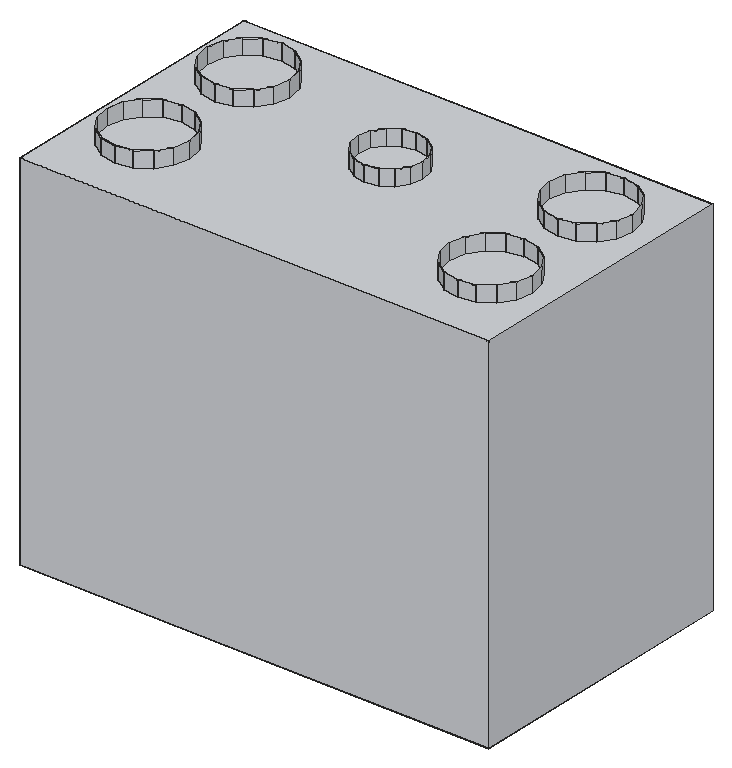
Revit family "Flexit UNI 4 R E EC L 230", category Mechanical Equipment, Revit 2015 (continued)
Parameters (values of type "Flexit UNI 4 R E EC L 230")
    DYsAAAAAAAOB1wNIHYAAAAAAAAIBvQAAAAAAAYF3AAAAAAADgdcDSBwkAAAAAAACAb0AAAAAAAGBdwAAAAAAAwHfA0wdgANsZoCdvIXBAlEoLaquDYsAAAAAAAMB3wNEHCQAAAAAAAIBvQAAAAAAAYF3AAAAAAADgdcDSB2AA2xmgJ28hcEDXaukrqbhVwAAAAAAA4HXA0gcJANsZoCdvIXBA12rpK6m4VcAAAAAAAMB3wNMHYAAAAAAAAIBvQAAAAAAAYF3AAAAAAADAd8DRBwkA2xmgJ28hcEDXaukrqbhVwAAAAAAA4HXA0gdgAOse/D/nNnFAVvfg/zl3TsAAAAAAAOB1wNIHCQDrHvw/5zZxQFb34P85d07AAAAAAADAd8DTB2AA2xmgJ28hcEDXaukrqbhVwAAAAAAAwHfA0QcJAOse/D/nNnFAVvfg/zl3TsAAAAAAAOB1wNIHYAC2WvpKKtZyQNTOAD15y0XAAAAAAADgdcDSBwkAtlr6SirWckDUzgA9ectFwAAAAAAAwHfA0wdgAOse/D/nNnFAVvfg/zl3TsAAAAAAAMB3wNEHCQC2WvpKKtZyQNTOAD15y0XAAAAAAADgdcDSB2AAAAAAAADAdEAAAAAAAMBCwAAAAAAA4HXA0gcJAAAAAAAAwHRAAAAAAADAQsAAAAAAAMB3wNMHYAC2WvpKKtZyQNTOAD15y0XAAAAAAADAd8DRBwkAAAAAAADAdEAAAAAAAMBCwAAAAAAA4HXA0gdgAEqlBbXVqXZA1M4APXnLRcAAAAAAAOB1wNIHCQBKpQW11al2QNTOAD15y0XAAAAAAADAd8DTB2AAAAAAAADAdEAAAAAAAMBCwAAAAAAAwHfA0QcJAEqlBbXVqXZA1M4APXnLRcAAAAAAAOB1wNIHYAAV4QPAGEl4QFb34P85d07AAAAAAADgdcDSBwkAFeEDwBhJeEBW9+D/OXdOwAAAAAAAwHfA0wdgAEqlBbXVqXZA1M4APXnLRcAAAAAAAMB3wNEHCQAV4QPAGEl4QFb34P85d07AAAAAAADgdcDSB2AAJuZf2JBeeUDXaukrqbhVwAAAAAAA4HXA0gcJACbmX9iQXnlA12rpK6m4VcAAAAAAAMB3wNMHYAAV4QPAGEl4QFb34P85d07AAAAAAADAd8DRBwkAJuZf2JBeeUDXaukrqbhVwAAAAAAA4HXA0gdgAAAAAAAAwHlAAAAAAABgXcAAAAAAAOB1wNIHCQAAAAAAAMB5QAAAAAAAYF3AAAAAAADAd8DTB2AAJuZf2JBeeUDXaukrqbhVwAAAAAAAwHfA0QcJAAAAAAAAQE/AAAAAAADATEAAAAAAAOB1QNIHYABrXldICd9MwPG2nFSIykBAAAAAAADgdUDSBwkAa15XSAnfTMDxtpxUiMpAQAAAAAAAwHdA0wdgAAAAAAAAQE/AAAAAAADATEAAAAAAAMB3QNEHCQBrXldICd9MwPG2nFSIykBAAAAAAADgdUDSB2AAxD4YsNoYRsDvBJ8/lZwqQAAAAAAA4HVA0gcJAMQ+GLDaGEbA7wSfP5WcKkAAAAAAAMB3QNMHYABrXldICd9MwPG2nFSIykBAAAAAAADAd0DRBwkAxD4YsNoYRsDvBJ8/lZwqQAAAAAAA4HVA0gdgAB6Sxlbv6jfAkmpeV0gJz78AAAAAAOB1QNIHCQAeksZW7+o3wJJqXldICc+/AAAAAADAd0DTB2AAxD4YsNoYRsDvBJ8/lZwqQAAAAAAAwHdA0QcJAB6Sxlbv6jfAkmpeV0gJz78AAAAAAOB1QNIHYAAAAAAAAAAAAAAAAAAAABTAAAAAAADgdUDSBwkAAAAAAAAAAAAAAAAAAAAUwAAAAAAAwHdA0wdgAB6Sxlbv6jfAkmpeV0gJz78AAAAAAMB3QNEHCQAAAAAAAAAAAAAAAAAAABTAAAAAAADgdUDSB2AAH5LGVu/qN0CSal5XSAnPvwAAAAAA4HVA0gcJAB+Sxlbv6jdAkmpeV0gJz78AAAAAAMB3QNMHYAAAAAAAAAAAAAAAAAAAABTAAAAAAADAd0DRBwkAH5LGVu/qN0CSal5XSAnPvwAAAAAA4HVA0gdgAMQ+GLDaGEZA7wSfP5WcKkAAAAAAAOB1QNIHCQDEPhiw2hhGQO8Enz+VnCpAAAAAAADAd0DTB2AAH5LGVu/qN0CSal5XSAnPvwAAAAAAwHdA0QcJAMQ+GLDaGEZA7wSfP5WcKkAAAAAAAOB1QNIHYABqXldICd9MQPG2nFSIykBAAAAAAADgdUDSBwkAal5XSAnfTEDxtpxUiMpAQAAAAAAAwHdA0wdgAMQ+GLDaGEZA7wSfP5WcKkAAAAAAAMB3QNEHCQBqXldICd9MQPG2nFSIykBAAAAAAADgdUDSB2AAAAAAAABAT0AAAAAAAMBMQAAAAAAA4HVA0gcJAAAAAAAAQE9AAAAAAADATEAAAAAAAMB3QNMHYABqXldICd9MQPG2nFSIykBAAAAAAADAd0DRBwkAAAAAAABAT0AAAAAAAMBMQAAAAAAA4HVA0gdgAGpeV0gJ30xAiKSx1btaVEAAAAAAAOB1QNIHCQBqXldICd9MQIiksdW7WlRAAAAAAADAd0DTB2AAAAAAAABAT0AAAAAAAMBMQAAAAAAAwHdA0QcJAGpeV0gJ30xAiKSx1btaVEAAAAAAAOB1QNIHYADEPhiw2hhGQGIfDFhtbFlAAAAAAADgdUDSBwkAxD4YsNoYRkBiHwxYbWxZQAAAAAAAwHdA0wdgAGpeV0gJ30xAiKSx1btaVEAAAAAAAMB3QNEHCQDEPhiw2hhGQGIfDFhtbFlAAAAAAADgdUDSB2AAH5LGVu/qN0A1ryukhM9cQAAAAAAA4HVA0gcJAB+Sxlbv6jdANa8rpITPXEAAAAAAAMB3QNMHYADEPhiw2hhGQGIfDFhtbFlAAAAAAADAd0DRBwkAH5LGVu/qN0A1ryukhM9cQAAAAAAA4HVA0gdgAAAAAAAAAAAAAAAAAAAAXkAAAAAAAOB1QNIHCQAAAAAAAAAAAAAAAAAAAF5AAAAAAADAd0DTB2AAH5LGVu/qN0A1ryukhM9cQAAAAAAAwHdA0QcJAAAAAAAAAAAAAAAAAAAAXkAAAAAAAOB1QNIHYAAeksZW7+o3wDavK6SEz1xAAAAAAADgdUDSBwkAHpLGVu/qN8A2ryukhM9cQAAAAAAAwHdA0wdgAAAAAAAAAAAAAAAAAAAAXkAAAAAAAMB3QNEHCQAeksZW7+o3wDavK6SEz1xAAAAAAADgdUDSB2AAxD4YsNoYRsBiHwxYbWxZQAAAAAAA4HVA0gcJAMQ+GLDaGEbAYh8MWG1sWUAAAAAAAMB3QNMHYAAeksZW7+o3wDavK6SEz1xAAAAAAADAd0DRBwkAxD4YsNoYRsBiHwxYbWxZQAAAAAAA4HVA0gdgAGteV0gJ30zAiKSx1btaVEAAAAAAAOB1QNIHCQBrXldICd9MwIiksdW7WlRAAAAAAADAd0DTB2AAxD4YsNoYRsBiHwxYbWxZQAAAAAAAwHdA0QcJAGteV0gJ30zAiKSx1btaVEAAAAAAAOB1QNIHYAAAAAAAAEBPwAAAAAAAwExAAAAAAADgdUDSBwkAAAAAAABAT8AAAAAAAMBMQAAAAAAAwHdA0wdgAGteV0gJ30zAiKSx1btaVEAAAAAAAMB3QA==</gm_model>\r\n  </Block>\r\n  <Blocks />\r\n</Flexit>"
  magiProductId = "Flexit UNI 4 R E EC L 230"
  magiProductFamilyId = ""
  magiPartTypeId = 210
  magiFlags = 0
  magiFamilyGeom = MagiCAD_Flexit UNI 4 R E EC L 230 : MagiCAD_Flexit UNI 4 R E EC L 230
  Weight = "86.0 kg"
  VersionID = "1.0/Flexit"
  Unit size Supply = "4"
  Unit size Extract = "4"
  Unit description = "Flexit UNI 4 R E EC L 230"
  Supply air flow = 27.7778 L/s
  Supply Sound generation, total = "64 dB(A)"
  Supply Sound generation = "68 67 68 63 57 53 42 28 dB"
  Supply Frequency band = "63 125 250 500 1k 2k 4k 8k"
  Supply Dimensions = "160 mm"
  Sound data, ambient = "15 26 38 27 22 19 11 2 dB"
  Sound ambient, total = "31 dB(A)"
  Productdata [instance] = "© Progman Oy, all rights reserved"
  Pressure drop  Supply and Outdoor air ductwork = 100.0 Pa
  Pressure drop  Extract and Exhaust air ductwork = 100.0 Pa
  Outdoor 2 Sound generation, total = "54 dB(A)"
  Outdoor 2 Sound generation = "59 57 56 55 43 30 19 4 dB"
  Outdoor 2 Frequency band = "63 125 250 500 1k 2k 4k 8k"
  Outdoor 2 Dimensions = "160 mm"
  Outdoor 1 Sound generation, total = "54 dB(A)"
  Outdoor 1 Sound generation = "59 57 56 55 43 30 19 4 dB"
  Outdoor 1 Frequency band = "63 125 250 500 1k 2k 4k 8k"
  Outdoor 1 Dimensions = "160 mm"
  Frequency band = "63 125 250 500 1k 2k 4k 8k"
  Flexit project file name = "K2VE.FLX"
  Extract air flow = 27.7778 L/s
  Extract 3 Sound generation, total = "54 dB(A)"
  Extract 3 Sound generation = "59 57 56 55 43 30 19 4 dB"
  Extract 3 Frequency band = "63 125 250 500 1k 2k 4k 8k"
  Extract 3 Dimensions = "125 mm"
  Extract 2 Sound generation, total = "54 dB(A)"
  Extract 2 Sound generation = "59 57 56 55 43 30 19 4 dB"
  Extract 2 Frequency band = "63 125 250 500 1k 2k 4k 8k"
  Extract 2 Dimensions = "160 mm"
  Extract 1 Sound generation, total = "54 dB(A)"
  Extract 1 Sound generation = "59 57 56 55 43 30 19 4 dB"
  Extract 1 Frequency band = "63 125 250 500 1k 2k 4k 8k"
  Extract 1 Dimensions = "160 mm"
  Exhaust Sound generation, total = "64 dB(A)"
  Exhaust Sound generation = "68 67 68 63 57 53 42 28 dB"
  Exhaust Frequency band = "63 125 250 500 1k 2k 4k 8k"
  Exhaust Dimensions = "160 mm"
  Dimensions = "900 537 700 mm"
Reference planes
  plane 1 "Center (Front/Back)": y = 0
  plane 2: z = 0
  plane 3 "Center (Left/Right)": x = 0
Forms (mm)
  Extrusion 1, solid, not visible
    sketch origin (329, 127.5, 365) x (1, 0, 0) y (0, 1, 0)
      loop
        line (15.24, 15.24) -> (-15.24, 15.24) -> (-15.24, -15.24) -> (15.24, -15.24) -> (15.24, 15.24)
    from 0 to -30.48
  Extrusion 2, solid, not visible
    sketch origin (-329, 127.5, 365) x (1, 0, 0) y (0, 1, 0)
      loop
        line (15.24, 15.24) -> (-15.24, 15.24) -> (-15.24, -15.24) -> (15.24, -15.24) -> (15.24, 15.24)
    from 0 to -30.48
  Extrusion 3, solid, not visible
    sketch origin (-332, 107.5, -365) x (0, 1, 0) y (1, 0, 0)
      loop
        line (-15.24, 15.24) -> (-15.24, -15.24) -> (15.24, -15.24) -> (15.24, 15.24) -> (-15.24, 15.24)
    from 0 to -30.48
  Extrusion 4, solid, not visible
    sketch origin (329, -113, 365) x (1, 0, 0) y (0, 1, 0)
      loop
        line (15.24, 15.24) -> (-15.24, 15.24) -> (-15.24, -15.24) -> (15.24, -15.24) -> (15.24, 15.24)
    from 0 to -30.48
  Extrusion 5, solid, not visible
    sketch origin (332, -118, -365) x (0, 1, 0) y (1, 0, 0)
      loop
        line (-15.24, 15.24) -> (-15.24, -15.24) -> (15.24, -15.24) -> (15.24, 15.24) -> (-15.24, 15.24)
    from 0 to -30.48
  Extrusion 6, solid, not visible
    sketch origin (0, 57.5, 365) x (1, 0, 0) y (0, 1, 0)
      loop
        line (15.24, 15.24) -> (-15.24, 15.24) -> (-15.24, -15.24) -> (15.24, -15.24) -> (15.24, 15.24)
    from 0 to -30.48
  Extrusion 7, solid, not visible
    sketch origin (-329, -113, 365) x (1, 0, 0) y (0, 1, 0)
      loop
        line (15.24, 15.24) -> (-15.24, 15.24) -> (-15.24, -15.24) -> (15.24, -15.24) -> (15.24, 15.24)
    from 0 to -30.48
Text (mm)
  text "© Progman Oy, all rights reserved" at (-487.68, -1524, 0), in view "Ref. Level"
Nested families
  nested 1: "MagiCAD_Flexit UNI 4 R E EC L 230" at (0, 0, 0), type <- "magiFamilyGeom", type "MagiCAD_Flexit UNI 4 R E EC L 230"
Connectors
  hvac at (329, 127.5, 365)
    settings: on Extrusion 1, index 1, duct flow 0.0 L/s, flow factor 0, pres drop 0.0 Pa, loss coef 0, conn angle 0.00°, conn width 304.8 mm, conn height 304.8 mm, conn diameter 160 mm, duct sys type 1, conn prof type 0, flow config 0, flow direction 2, loss method 0, conn ref index -1, conn util no, is conn primary yes, conn desc "Duct connection supply"
  hvac at (-329, 127.5, 365)
    settings: on Extrusion 2, index 2, duct flow 0.0 L/s, flow factor 0, pres drop 0.0 Pa, loss coef 0, conn angle 0.00°, conn width 304.8 mm, conn height 304.8 mm, conn diameter 160 mm, duct sys type 1, conn prof type 0, flow config 0, flow direction 1, loss method 0, conn ref index -1, conn util no, is conn primary no, conn desc "Duct connection outdoor"
  hvac at (-332, 107.5, -365)
    settings: on Extrusion 3, index 3, duct flow 0.0 L/s, flow factor 0, pres drop 0.0 Pa, loss coef 0, conn angle 0.00°, conn width 304.8 mm, conn height 304.8 mm, conn diameter 160 mm, duct sys type 1, conn prof type 0, flow config 0, flow direction 1, loss method 0, conn ref index -1, conn util no, is conn primary no, conn desc "Duct connection outdoor"
  hvac at (329, -113, 365)
    settings: on Extrusion 4, index 4, duct flow 0.0 L/s, flow factor 0, pres drop 0.0 Pa, loss coef 0, conn angle 0.00°, conn width 304.8 mm, conn height 304.8 mm, conn diameter 160 mm, duct sys type 2, conn prof type 0, flow config 0, flow direction 1, loss method 0, conn ref index -1, conn util no, is conn primary no, conn desc "Duct connection extract"
  hvac at (332, -118, -365)
    settings: on Extrusion 5, index 5, duct flow 0.0 L/s, flow factor 0, pres drop 0.0 Pa, loss coef 0, conn angle 0.00°, conn width 304.8 mm, conn height 304.8 mm, conn diameter 160 mm, duct sys type 2, conn prof type 0, flow config 0, flow direction 1, loss method 0, conn ref index -1, conn util no, is conn primary no, conn desc "Duct connection extract"
  hvac at (0, 57.5, 365)
    settings: on Extrusion 6, index 6, duct flow 0.0 L/s, flow factor 0, pres drop 0.0 Pa, loss coef 0, conn angle 0.00°, conn width 304.8 mm, conn height 304.8 mm, conn diameter 160 mm, duct sys type 2, conn prof type 0, flow config 0, flow direction 1, loss method 0, conn ref index -1, conn util no, is conn primary no, conn desc "Duct connection extract"
  hvac at (-329, -113, 365)
    settings: on Extrusion 7, index 7, duct flow 0.0 L/s, flow factor 0, pres drop 0.0 Pa, loss coef 0, conn angle 0.00°, conn width 304.8 mm, conn height 304.8 mm, conn diameter 125 mm, duct sys type 3, conn prof type 0, flow config 0, flow direction 2, loss method 0, conn ref index -1, conn util no, is conn primary no, conn desc "Duct connection exhaust"
Definition of nested family "MagiCAD_Flexit UNI 4 R E EC L 230"
  Reference planes
    plane 1 "Center (Front/Back)": y = 0
    plane 2: z = 0
    plane 3 "Center (Left/Right)": x = 0
  Forms (mm)
    Extrusion 1, solid
      sketch origin (-450, 268.5, 350) x (0, 1, 0) y (1, 0, 0)
        loop
          line (0, 900) -> (-537, 900) -> (-537, 0) -> (0, 0) -> (0, 900)
      from -0.1 to 0.1
    Extrusion 2, solid
      sketch origin (450, -268.5, -350) x (1, 0, 0) y (0, 1, 0)
        loop
          line (0, 537) -> (-900, 537) -> (-900, 0) -> (0, 0) -> (0, 537)
      from -0.1 to 0.1
    Extrusion 3, solid
      sketch origin (-450, -268.5, 350) x (0, 0, 1) y (1, 0, 0)
        loop
          line (0, 900) -> (-700, 900) -> (-700, 0) -> (0, 0) -> (0, 900)
      from -0.1 to 0.1
    Extrusion 4, solid
      sketch origin (450, 268.5, -350) x (0, 0, -1) y (1, 0, 0)
        loop
          line (-700, 0) -> (-700, -900) -> (0, -900) -> (0, 0) -> (-700, 0)
      from -0.1 to 0.1
    Extrusion 5, solid
      sketch origin (450, -268.5, 350) x (0, -1, 0) y (0, 0, 1)
        loop
          line (-537, 0) -> (-537, -700) -> (0, -700) -> (0, 0) -> (-537, 0)
      from -0.1 to 0.1
    Extrusion 6, solid
      sketch origin (-450, 268.5, -350) x (0, 1, 0) y (0, 0, 1)
        loop
          line (0, 700) -> (-537, 700) -> (-537, 0) -> (0, 0) -> (0, 700)
      from -0.1 to 0.1
    Extrusion 7, solid
      sketch origin (-402.91, 96.885, 350) x (0.19509, -0.980785, 0) y (0, 0, -1)
        loop
          line (-31.214, 0) -> (-31.214, -30) -> (0, -30) -> (0, 0) -> (-31.214, 0)
      from -0.1 to 0.1
    Extrusion 8, solid
      sketch origin (-385.569, 70.931, 350) x (0.55557, -0.83147, 0) y (0, 0, -1)
        loop
          line (-31.214, 0) -> (-31.214, -30) -> (0, -30) -> (0, 0) -> (-31.214, 0)
      from -0.1 to 0.1
    Extrusion 9, solid
      sketch origin (-359.615, 53.59, 350) x (0.83147, -0.55557, 0) y (0, 0, -1)
        loop
          line (-31.214, 0) -> (-31.214, -30) -> (0, -30) -> (0, 0) -> (-31.214, 0)
      from -0.1 to 0.1
    Extrusion 10, solid
      sketch origin (-329, 47.5, 350) x (0.980785, -0.19509, 0) y (0, 0, -1)
        loop
          line (-31.214, 0) -> (-31.214, -30) -> (0, -30) -> (0, 0) -> (-31.214, 0)
      from -0.1 to 0.1
    Extrusion 11, solid
      sketch origin (-298.385, 53.59, 350) x (0.980785, 0.19509, 0) y (0, 0, -1)
        loop
          line (-31.214, 0) -> (-31.214, -30) -> (0, -30) -> (0, 0) -> (-31.214, 0)
      from -0.1 to 0.1
    Extrusion 12, solid
      sketch origin (-272.431, 70.931, 350) x (0.83147, 0.55557, 0) y (0, 0, -1)
        loop
          line (-31.214, 0) -> (-31.214, -30) -> (0, -30) -> (0, 0) -> (-31.214, 0)
      from -0.1 to 0.1
    Extrusion 13, solid
      sketch origin (-255.09, 96.885, 350) x (0.55557, 0.83147, 0) y (0, 0, -1)
        loop
          line (-31.214, 0) -> (-31.214, -30) -> (0, -30) -> (0, 0) -> (-31.214, 0)
      from -0.1 to 0.1
    Extrusion 14, solid
      sketch origin (-249, 127.5, 350) x (0.19509, 0.980785, 0) y (0, 0, -1)
        loop
          line (-31.214, 0) -> (-31.214, -30) -> (0, -30) -> (0, 0) -> (-31.214, 0)
      from -0.1 to 0.1
    Extrusion 15, solid
      sketch origin (-255.09, 158.115, 350) x (0.19509, -0.980785, 0) y (0, 0, 1)
        loop
          line (31.214, 0) -> (31.214, 30) -> (0, 30) -> (0, 0) -> (31.214, 0)
      from -0.1 to 0.1
    Extrusion 16, solid
      sketch origin (-272.431, 184.069, 350) x (0.55557, -0.83147, 0) y (0, 0, 1)
        loop
          line (31.214, 0) -> (31.214, 30) -> (0, 30) -> (0, 0) -> (31.214, 0)
      from -0.1 to 0.1
    Extrusion 17, solid
      sketch origin (-298.385, 201.41, 350) x (0.83147, -0.55557, 0) y (0, 0, 1)
        loop
          line (31.214, 0) -> (31.214, 30) -> (0, 30) -> (0, 0) -> (31.214, 0)
      from -0.1 to 0.1
    Extrusion 18, solid
      sketch origin (-329, 207.5, 350) x (0.980785, -0.19509, 0) y (0, 0, 1)
        loop
          line (31.214, 0) -> (31.214, 30) -> (0, 30) -> (0, 0) -> (31.214, 0)
      from -0.1 to 0.1
    Extrusion 19, solid
      sketch origin (-359.615, 201.41, 350) x (0.980785, 0.19509, 0) y (0, 0, 1)
        loop
          line (31.214, 0) -> (31.214, 30) -> (0, 30) -> (0, 0) -> (31.214, 0)
      from -0.1 to 0.1
    Extrusion 20, solid
      sketch origin (-385.569, 184.069, 350) x (0.83147, 0.55557, 0) y (0, 0, 1)
        loop
          line (31.214, 0) -> (31.214, 30) -> (0, 30) -> (0, 0) -> (31.214, 0)
      from -0.1 to 0.1
    Extrusion 21, solid
      sketch origin (-402.91, 158.115, 350) x (0.55557, 0.83147, 0) y (0, 0, 1)
        loop
          line (31.214, 0) -> (31.214, 30) -> (0, 30) -> (0, 0) -> (31.214, 0)
      from -0.1 to 0.1
    Extrusion 22, solid
      sketch origin (-409, 127.5, 350) x (0.19509, 0.980785, 0) y (0, 0, 1)
        loop
          line (31.214, 0) -> (31.214, 30) -> (0, 30) -> (0, 0) -> (31.214, 0)
      from -0.1 to 0.1
    Extrusion 23, solid
      sketch origin (255.09, 96.885, 350) x (0.19509, -0.980785, 0) y (0, 0, -1)
        loop
          line (-31.214, 0) -> (-31.214, -30) -> (0, -30) -> (0, 0) -> (-31.214, 0)
      from -0.1 to 0.1
    Extrusion 24, solid
      sketch origin (272.431, 70.931, 350) x (0.55557, -0.83147, 0) y (0, 0, -1)
        loop
          line (-31.214, 0) -> (-31.214, -30) -> (0, -30) -> (0, 0) -> (-31.214, 0)
      from -0.1 to 0.1
    Extrusion 25, solid
      sketch origin (298.385, 53.59, 350) x (0.83147, -0.55557, 0) y (0, 0, -1)
        loop
          line (-31.214, 0) -> (-31.214, -30) -> (0, -30) -> (0, 0) -> (-31.214, 0)
      from -0.1 to 0.1
    Extrusion 26, solid
      sketch origin (329, 47.5, 350) x (0.980785, -0.19509, 0) y (0, 0, -1)
        loop
          line (-31.214, 0) -> (-31.214, -30) -> (0, -30) -> (0, 0) -> (-31.214, 0)
      from -0.1 to 0.1
    Extrusion 27, solid
      sketch origin (359.615, 53.59, 350) x (0.980785, 0.19509, 0) y (0, 0, -1)
        loop
          line (-31.214, 0) -> (-31.214, -30) -> (0, -30) -> (0, 0) -> (-31.214, 0)
      from -0.1 to 0.1
    Extrusion 28, solid
      sketch origin (385.569, 70.931, 350) x (0.83147, 0.55557, 0) y (0, 0, -1)
        loop
          line (-31.214, 0) -> (-31.214, -30) -> (0, -30) -> (0, 0) -> (-31.214, 0)
      from -0.1 to 0.1
    Extrusion 29, solid
      sketch origin (402.91, 96.885, 350) x (0.55557, 0.83147, 0) y (0, 0, -1)
        loop
          line (-31.214, 0) -> (-31.214, -30) -> (0, -30) -> (0, 0) -> (-31.214, 0)
      from -0.1 to 0.1
    Extrusion 30, solid
      sketch origin (409, 127.5, 350) x (0.19509, 0.980785, 0) y (0, 0, -1)
        loop
          line (-31.214, 0) -> (-31.214, -30) -> (0, -30) -> (0, 0) -> (-31.214, 0)
      from -0.1 to 0.1
    Extrusion 31, solid
      sketch origin (402.91, 158.115, 350) x (0.19509, -0.980785, 0) y (0, 0, 1)
        loop
          line (31.214, 0) -> (31.214, 30) -> (0, 30) -> (0, 0) -> (31.214, 0)
      from -0.1 to 0.1
    Extrusion 32, solid
      sketch origin (385.569, 184.069, 350) x (0.55557, -0.83147, 0) y (0, 0, 1)
        loop
          line (31.214, 0) -> (31.214, 30) -> (0, 30) -> (0, 0) -> (31.214, 0)
      from -0.1 to 0.1
    Extrusion 33, solid
      sketch origin (359.615, 201.41, 350) x (0.83147, -0.55557, 0) y (0, 0, 1)
        loop
          line (31.214, 0) -> (31.214, 30) -> (0, 30) -> (0, 0) -> (31.214, 0)
      from -0.1 to 0.1
    Extrusion 34, solid
      sketch origin (329, 207.5, 350) x (0.980785, -0.19509, 0) y (0, 0, 1)
        loop
          line (31.214, 0) -> (31.214, 30) -> (0, 30) -> (0, 0) -> (31.214, 0)
      from -0.1 to 0.1
    Extrusion 35, solid
      sketch origin (298.385, 201.41, 350) x (0.980785, 0.19509, 0) y (0, 0, 1)
        loop
          line (31.214, 0) -> (31.214, 30) -> (0, 30) -> (0, 0) -> (31.214, 0)
      from -0.1 to 0.1
    Extrusion 36, solid
      sketch origin (272.431, 184.069, 350) x (0.83147, 0.55557, 0) y (0, 0, 1)
        loop
          line (31.214, 0) -> (31.214, 30) -> (0, 30) -> (0, 0) -> (31.214, 0)
      from -0.1 to 0.1
    Extrusion 37, solid
      sketch origin (255.09, 158.115, 350) x (0.55557, 0.83147, 0) y (0, 0, 1)
        loop
          line (31.214, 0) -> (31.214, 30) -> (0, 30) -> (0, 0) -> (31.214, 0)
      from -0.1 to 0.1
    Extrusion 38, solid
      sketch origin (249, 127.5, 350) x (0.19509, 0.980785, 0) y (0, 0, 1)
        loop
          line (31.214, 0) -> (31.214, 30) -> (0, 30) -> (0, 0) -> (31.214, 0)
      from -0.1 to 0.1
    Extrusion 39, solid
      sketch origin (255.09, -143.115, 350) x (0.19509, -0.980785, 0) y (0, 0, -1)
        loop
          line (-31.214, 0) -> (-31.214, -30) -> (0, -30) -> (0, 0) -> (-31.214, 0)
      from -0.1 to 0.1
    Extrusion 40, solid
      sketch origin (272.431, -169.069, 350) x (0.55557, -0.83147, 0) y (0, 0, -1)
        loop
          line (-31.214, 0) -> (-31.214, -30) -> (0, -30) -> (0, 0) -> (-31.214, 0)
      from -0.1 to 0.1
    Extrusion 41, solid
      sketch origin (298.385, -186.41, 350) x (0.83147, -0.55557, 0) y (0, 0, -1)
        loop
          line (-31.214, 0) -> (-31.214, -30) -> (0, -30) -> (0, 0) -> (-31.214, 0)
      from -0.1 to 0.1
    Extrusion 42, solid
      sketch origin (329, -192.5, 350) x (0.980785, -0.19509, 0) y (0, 0, -1)
        loop
          line (-31.214, 0) -> (-31.214, -30) -> (0, -30) -> (0, 0) -> (-31.214, 0)
      from -0.1 to 0.1
    Extrusion 43, solid
      sketch origin (359.615, -186.41, 350) x (0.980785, 0.19509, 0) y (0, 0, -1)
        loop
          line (-31.214, 0) -> (-31.214, -30) -> (0, -30) -> (0, 0) -> (-31.214, 0)
      from -0.1 to 0.1
    Extrusion 44, solid
      sketch origin (385.569, -169.069, 350) x (0.83147, 0.55557, 0) y (0, 0, -1)
        loop
          line (-31.214, 0) -> (-31.214, -30) -> (0, -30) -> (0, 0) -> (-31.214, 0)
      from -0.1 to 0.1
    Extrusion 45, solid
      sketch origin (402.91, -143.115, 350) x (0.55557, 0.83147, 0) y (0, 0, -1)
        loop
          line (-31.214, 0) -> (-31.214, -30) -> (0, -30) -> (0, 0) -> (-31.214, 0)
      from -0.1 to 0.1
    Extrusion 46, solid
      sketch origin (409, -112.5, 350) x (0.19509, 0.980785, 0) y (0, 0, -1)
        loop
          line (-31.214, 0) -> (-31.214, -30) -> (0, -30) -> (0, 0) -> (-31.214, 0)
      from -0.1 to 0.1
    Extrusion 47, solid
      sketch origin (402.91, -81.885, 350) x (0.19509, -0.980785, 0) y (0, 0, 1)
        loop
          line (31.214, 0) -> (31.214, 30) -> (0, 30) -> (0, 0) -> (31.214, 0)
      from -0.1 to 0.1
    Extrusion 48, solid
      sketch origin (385.569, -55.931, 350) x (0.55557, -0.83147, 0) y (0, 0, 1)
        loop
          line (31.214, 0) -> (31.214, 30) -> (0, 30) -> (0, 0) -> (31.214, 0)
      from -0.1 to 0.1
    Extrusion 49, solid
      sketch origin (359.615, -38.59, 350) x (0.83147, -0.55557, 0) y (0, 0, 1)
        loop
          line (31.214, 0) -> (31.214, 30) -> (0, 30) -> (0, 0) -> (31.214, 0)
      from -0.1 to 0.1
    Extrusion 50, solid
      sketch origin (329, -32.5, 350) x (0.980785, -0.19509, 0) y (0, 0, 1)
        loop
          line (31.214, 0) -> (31.214, 30) -> (0, 30) -> (0, 0) -> (31.214, 0)
      from -0.1 to 0.1
    Extrusion 51, solid
      sketch origin (298.385, -38.59, 350) x (0.980785, 0.19509, 0) y (0, 0, 1)
        loop
          line (31.214, 0) -> (31.214, 30) -> (0, 30) -> (0, 0) -> (31.214, 0)
      from -0.1 to 0.1
    Extrusion 52, solid
      sketch origin (272.431, -55.931, 350) x (0.83147, 0.55557, 0) y (0, 0, 1)
        loop
          line (31.214, 0) -> (31.214, 30) -> (0, 30) -> (0, 0) -> (31.214, 0)
      from -0.1 to 0.1
    Extrusion 53, solid
      sketch origin (255.09, -81.885, 350) x (0.55557, 0.83147, 0) y (0, 0, 1)
        loop
          line (31.214, 0) -> (31.214, 30) -> (0, 30) -> (0, 0) -> (31.214, 0)
      from -0.1 to 0.1
    Extrusion 54, solid
      sketch origin (249, -112.5, 350) x (0.19509, 0.980785, 0) y (0, 0, 1)
        loop
          line (31.214, 0) -> (31.214, 30) -> (0, 30) -> (0, 0) -> (31.214, 0)
      from -0.1 to 0.1
    Extrusion 55, solid
      sketch origin (-402.91, -143.115, 350) x (0.19509, -0.980785, 0) y (0, 0, -1)
        loop
          line (-31.214, 0) -> (-31.214, -30) -> (0, -30) -> (0, 0) -> (-31.214, 0)
      from -0.1 to 0.1
    Extrusion 56, solid
      sketch origin (-385.569, -169.069, 350) x (0.55557, -0.83147, 0) y (0, 0, -1)
        loop
          line (-31.214, 0) -> (-31.214, -30) -> (0, -30) -> (0, 0) -> (-31.214, 0)
      from -0.1 to 0.1
    Extrusion 57, solid
      sketch origin (-359.615, -186.41, 350) x (0.83147, -0.55557, 0) y (0, 0, -1)
        loop
          line (-31.214, 0) -> (-31.214, -30) -> (0, -30) -> (0, 0) -> (-31.214, 0)
      from -0.1 to 0.1
    Extrusion 58, solid
      sketch origin (-329, -192.5, 350) x (0.980785, -0.19509, 0) y (0, 0, -1)
        loop
          line (-31.214, 0) -> (-31.214, -30) -> (0, -30) -> (0, 0) -> (-31.214, 0)
      from -0.1 to 0.1
    Extrusion 59, solid
      sketch origin (-298.385, -186.41, 350) x (0.980785, 0.19509, 0) y (0, 0, -1)
        loop
          line (-31.214, 0) -> (-31.214, -30) -> (0, -30) -> (0, 0) -> (-31.214, 0)
      from -0.1 to 0.1
    Extrusion 60, solid
      sketch origin (-272.431, -169.069, 350) x (0.83147, 0.55557, 0) y (0, 0, -1)
        loop
          line (-31.214, 0) -> (-31.214, -30) -> (0, -30) -> (0, 0) -> (-31.214, 0)
      from -0.1 to 0.1
    Extrusion 61, solid
      sketch origin (-255.09, -143.115, 350) x (0.55557, 0.83147, 0) y (0, 0, -1)
        loop
          line (-31.214, 0) -> (-31.214, -30) -> (0, -30) -> (0, 0) -> (-31.214, 0)
      from -0.1 to 0.1
    Extrusion 62, solid
      sketch origin (-249, -112.5, 350) x (0.19509, 0.980785, 0) y (0, 0, -1)
        loop
          line (-31.214, 0) -> (-31.214, -30) -> (0, -30) -> (0, 0) -> (-31.214, 0)
      from -0.1 to 0.1
    Extrusion 63, solid
      sketch origin (-255.09, -81.885, 350) x (0.19509, -0.980785, 0) y (0, 0, 1)
        loop
          line (31.214, 0) -> (31.214, 30) -> (0, 30) -> (0, 0) -> (31.214, 0)
      from -0.1 to 0.1
    Extrusion 64, solid
      sketch origin (-272.431, -55.931, 350) x (0.55557, -0.83147, 0) y (0, 0, 1)
        loop
          line (31.214, 0) -> (31.214, 30) -> (0, 30) -> (0, 0) -> (31.214, 0)
      from -0.1 to 0.1
    Extrusion 65, solid
      sketch origin (-298.385, -38.59, 350) x (0.83147, -0.55557, 0) y (0, 0, 1)
        loop
          line (31.214, 0) -> (31.214, 30) -> (0, 30) -> (0, 0) -> (31.214, 0)
      from -0.1 to 0.1
    Extrusion 66, solid
      sketch origin (-329, -32.5, 350) x (0.980785, -0.19509, 0) y (0, 0, 1)
        loop
          line (31.214, 0) -> (31.214, 30) -> (0, 30) -> (0, 0) -> (31.214, 0)
      from -0.1 to 0.1
    Extrusion 67, solid
      sketch origin (-359.615, -38.59, 350) x (0.980785, 0.19509, 0) y (0, 0, 1)
        loop
          line (31.214, 0) -> (31.214, 30) -> (0, 30) -> (0, 0) -> (31.214, 0)
      from -0.1 to 0.1
    Extrusion 68, solid
      sketch origin (-385.569, -55.931, 350) x (0.83147, 0.55557, 0) y (0, 0, 1)
        loop
          line (31.214, 0) -> (31.214, 30) -> (0, 30) -> (0, 0) -> (31.214, 0)
      from -0.1 to 0.1
    Extrusion 69, solid
      sketch origin (-402.91, -81.885, 350) x (0.55557, 0.83147, 0) y (0, 0, 1)
        loop
          line (31.214, 0) -> (31.214, 30) -> (0, 30) -> (0, 0) -> (31.214, 0)
      from -0.1 to 0.1
    Extrusion 70, solid
      sketch origin (-409, -112.5, 350) x (0.19509, 0.980785, 0) y (0, 0, 1)
        loop
          line (31.214, 0) -> (31.214, 30) -> (0, 30) -> (0, 0) -> (31.214, 0)
      from -0.1 to 0.1
    Extrusion 71, solid
      sketch origin (-258.09, 76.885, -350) x (0.19509, 0.980785, 0) y (0, 0, -1)
        loop
          line (31.214, 0) -> (31.214, 30) -> (0, 30) -> (0, 0) -> (31.214, 0)
      from -0.1 to 0.1
    Extrusion 72, solid
      sketch origin (-275.431, 50.931, -350) x (0.55557, 0.83147, 0) y (0, 0, -1)
        loop
          line (31.214, 0) -> (31.214, 30) -> (0, 30) -> (0, 0) -> (31.214, 0)
      from -0.1 to 0.1
    Extrusion 73, solid
      sketch origin (-301.385, 33.59, -350) x (0.83147, 0.55557, 0) y (0, 0, -1)
        loop
          line (31.214, 0) -> (31.214, 30) -> (0, 30) -> (0, 0) -> (31.214, 0)
      from -0.1 to 0.1
    Extrusion 74, solid
      sketch origin (-332, 27.5, -350) x (0.980785, 0.19509, 0) y (0, 0, -1)
        loop
          line (31.214, 0) -> (31.214, 30) -> (0, 30) -> (0, 0) -> (31.214, 0)
      from -0.1 to 0.1
    Extrusion 75, solid
      sketch origin (-362.615, 33.59, -350) x (0.980785, -0.19509, 0) y (0, 0, -1)
        loop
          line (31.214, 0) -> (31.214, 30) -> (0, 30) -> (0, 0) -> (31.214, 0)
      from -0.1 to 0.1
    Extrusion 76, solid
      sketch origin (-388.569, 50.931, -350) x (0.83147, -0.55557, 0) y (0, 0, -1)
        loop
          line (31.214, 0) -> (31.214, 30) -> (0, 30) -> (0, 0) -> (31.214, 0)
      from -0.1 to 0.1
    Extrusion 77, solid
      sketch origin (-405.91, 76.885, -350) x (0.55557, -0.83147, 0) y (0, 0, -1)
        loop
          line (31.214, 0) -> (31.214, 30) -> (0, 30) -> (0, 0) -> (31.214, 0)
      from -0.1 to 0.1
    Extrusion 78, solid
      sketch origin (-412, 107.5, -350) x (0.19509, -0.980785, 0) y (0, 0, -1)
        loop
          line (31.214, 0) -> (31.214, 30) -> (0, 30) -> (0, 0) -> (31.214, 0)
      from -0.1 to 0.1
    Extrusion 79, solid
      sketch origin (-405.91, 138.115, -350) x (0.19509, 0.980785, 0) y (0, 0, 1)
        loop
          line (-31.214, 0) -> (-31.214, -30) -> (0, -30) -> (0, 0) -> (-31.214, 0)
      from -0.1 to 0.1
    Extrusion 80, solid
      sketch origin (-388.569, 164.069, -350) x (0.55557, 0.83147, 0) y (0, 0, 1)
        loop
          line (-31.214, 0) -> (-31.214, -30) -> (0, -30) -> (0, 0) -> (-31.214, 0)
      from -0.1 to 0.1
    Extrusion 81, solid
      sketch origin (-362.615, 181.41, -350) x (0.83147, 0.55557, 0) y (0, 0, 1)
        loop
          line (-31.214, 0) -> (-31.214, -30) -> (0, -30) -> (0, 0) -> (-31.214, 0)
      from -0.1 to 0.1
    Extrusion 82, solid
      sketch origin (-332, 187.5, -350) x (0.980785, 0.19509, 0) y (0, 0, 1)
        loop
          line (-31.214, 0) -> (-31.214, -30) -> (0, -30) -> (0, 0) -> (-31.214, 0)
      from -0.1 to 0.1
    Extrusion 83, solid
      sketch origin (-301.385, 181.41, -350) x (0.980785, -0.19509, 0) y (0, 0, 1)
        loop
          line (-31.214, 0) -> (-31.214, -30) -> (0, -30) -> (0, 0) -> (-31.214, 0)
      from -0.1 to 0.1
    Extrusion 84, solid
      sketch origin (-275.431, 164.069, -350) x (0.83147, -0.55557, 0) y (0, 0, 1)
        loop
          line (-31.214, 0) -> (-31.214, -30) -> (0, -30) -> (0, 0) -> (-31.214, 0)
      from -0.1 to 0.1
    Extrusion 85, solid
      sketch origin (-258.09, 138.115, -350) x (0.55557, -0.83147, 0) y (0, 0, 1)
        loop
          line (-31.214, 0) -> (-31.214, -30) -> (0, -30) -> (0, 0) -> (-31.214, 0)
      from -0.1 to 0.1
    Extrusion 86, solid
      sketch origin (-252, 107.5, -350) x (0.19509, -0.980785, 0) y (0, 0, 1)
        loop
          line (-31.214, 0) -> (-31.214, -30) -> (0, -30) -> (0, 0) -> (-31.214, 0)
      from -0.1 to 0.1
    Extrusion 87, solid
      sketch origin (405.91, -148.115, -350) x (0.19509, 0.980785, 0) y (0, 0, -1)
        loop
          line (31.214, 0) -> (31.214, 30) -> (0, 30) -> (0, 0) -> (31.214, 0)
      from -0.1 to 0.1
    Extrusion 88, solid
      sketch origin (388.569, -174.069, -350) x (0.55557, 0.83147, 0) y (0, 0, -1)
        loop
          line (31.214, 0) -> (31.214, 30) -> (0, 30) -> (0, 0) -> (31.214, 0)
      from -0.1 to 0.1
    Extrusion 89, solid
      sketch origin (362.615, -191.41, -350) x (0.83147, 0.55557, 0) y (0, 0, -1)
        loop
          line (31.214, 0) -> (31.214, 30) -> (0, 30) -> (0, 0) -> (31.214, 0)
      from -0.1 to 0.1
    Extrusion 90, solid
      sketch origin (332, -197.5, -350) x (0.980785, 0.19509, 0) y (0, 0, -1)
        loop
          line (31.214, 0) -> (31.214, 30) -> (0, 30) -> (0, 0) -> (31.214, 0)
      from -0.1 to 0.1
    Extrusion 91, solid
      sketch origin (301.385, -191.41, -350) x (0.980785, -0.19509, 0) y (0, 0, -1)
        loop
          line (31.214, 0) -> (31.214, 30) -> (0, 30) -> (0, 0) -> (31.214, 0)
      from -0.1 to 0.1
    Extrusion 92, solid
      sketch origin (275.431, -174.069, -350) x (0.83147, -0.55557, 0) y (0, 0, -1)
        loop
          line (31.214, 0) -> (31.214, 30) -> (0, 30) -> (0, 0) -> (31.214, 0)
      from -0.1 to 0.1
    Extrusion 93, solid
      sketch origin (258.09, -148.115, -350) x (0.55557, -0.83147, 0) y (0, 0, -1)
        loop
          line (31.214, 0) -> (31.214, 30) -> (0, 30) -> (0, 0) -> (31.214, 0)
      from -0.1 to 0.1
    Extrusion 94, solid
      sketch origin (252, -117.5, -350) x (0.19509, -0.980785, 0) y (0, 0, -1)
        loop
          line (31.214, 0) -> (31.214, 30) -> (0, 30) -> (0, 0) -> (31.214, 0)
      from -0.1 to 0.1
    Extrusion 95, solid
      sketch origin (258.09, -86.885, -350) x (0.19509, 0.980785, 0) y (0, 0, 1)
        loop
          line (-31.214, 0) -> (-31.214, -30) -> (0, -30) -> (0, 0) -> (-31.214, 0)
      from -0.1 to 0.1
    Extrusion 96, solid
      sketch origin (275.431, -60.931, -350) x (0.55557, 0.83147, 0) y (0, 0, 1)
        loop
          line (-31.214, 0) -> (-31.214, -30) -> (0, -30) -> (0, 0) -> (-31.214, 0)
      from -0.1 to 0.1
    Extrusion 97, solid
      sketch origin (301.385, -43.59, -350) x (0.83147, 0.55557, 0) y (0, 0, 1)
        loop
          line (-31.214, 0) -> (-31.214, -30) -> (0, -30) -> (0, 0) -> (-31.214, 0)
      from -0.1 to 0.1
    Extrusion 98, solid
      sketch origin (332, -37.5, -350) x (0.980785, 0.19509, 0) y (0, 0, 1)
        loop
          line (-31.214, 0) -> (-31.214, -30) -> (0, -30) -> (0, 0) -> (-31.214, 0)
      from -0.1 to 0.1
    Extrusion 99, solid
      sketch origin (362.615, -43.59, -350) x (0.980785, -0.19509, 0) y (0, 0, 1)
        loop
          line (-31.214, 0) -> (-31.214, -30) -> (0, -30) -> (0, 0) -> (-31.214, 0)
      from -0.1 to 0.1
    Extrusion 100, solid
      sketch origin (388.569, -60.931, -350) x (0.83147, -0.55557, 0) y (0, 0, 1)
        loop
          line (-31.214, 0) -> (-31.214, -30) -> (0, -30) -> (0, 0) -> (-31.214, 0)
      from -0.1 to 0.1
    Extrusion 101, solid
      sketch origin (405.91, -86.885, -350) x (0.55557, -0.83147, 0) y (0, 0, 1)
        loop
          line (-31.214, 0) -> (-31.214, -30) -> (0, -30) -> (0, 0) -> (-31.214, 0)
      from -0.1 to 0.1
    Extrusion 102, solid
      sketch origin (412, -117.5, -350) x (0.19509, -0.980785, 0) y (0, 0, 1)
        loop
          line (-31.214, 0) -> (-31.214, -30) -> (0, -30) -> (0, 0) -> (-31.214, 0)
      from -0.1 to 0.1
    Extrusion 103, solid
      sketch origin (-57.742, 33.582, 350) x (0.19509, -0.980785, 0) y (0, 0, -1)
        loop
          line (-24.386, 0) -> (-24.386, -30) -> (0, -30) -> (0, 0) -> (-24.386, 0)
      from -0.1 to 0.1
    Extrusion 104, solid
      sketch origin (-44.194, 13.306, 350) x (0.55557, -0.83147, 0) y (0, 0, -1)
        loop
          line (-24.386, 0) -> (-24.386, -30) -> (0, -30) -> (0, 0) -> (-24.386, 0)
      from -0.1 to 0.1
    Extrusion 105, solid
      sketch origin (-23.918, -0.242, 350) x (0.83147, -0.55557, 0) y (0, 0, -1)
        loop
          line (-24.386, 0) -> (-24.386, -30) -> (0, -30) -> (0, 0) -> (-24.386, 0)
      from -0.1 to 0.1
    Extrusion 106, solid
      sketch origin (0, -5, 350) x (0.980785, -0.19509, 0) y (0, 0, -1)
        loop
          line (-24.386, 0) -> (-24.386, -30) -> (0, -30) -> (0, 0) -> (-24.386, 0)
      from -0.1 to 0.1
    Extrusion 107, solid
      sketch origin (23.918, -0.242, 350) x (0.980785, 0.19509, 0) y (0, 0, -1)
        loop
          line (-24.386, 0) -> (-24.386, -30) -> (0, -30) -> (0, 0) -> (-24.386, 0)
      from -0.1 to 0.1
    Extrusion 108, solid
      sketch origin (44.194, 13.306, 350) x (0.83147, 0.55557, 0) y (0, 0, -1)
        loop
          line (-24.386, 0) -> (-24.386, -30) -> (0, -30) -> (0, 0) -> (-24.386, 0)
      from -0.1 to 0.1
    Extrusion 109, solid
      sketch origin (57.742, 33.582, 350) x (0.55557, 0.83147, 0) y (0, 0, -1)
        loop
          line (-24.386, 0) -> (-24.386, -30) -> (0, -30) -> (0, 0) -> (-24.386, 0)
      from -0.1 to 0.1
    Extrusion 110, solid
      sketch origin (62.5, 57.5, 350) x (0.19509, 0.980785, 0) y (0, 0, -1)
        loop
          line (-24.386, 0) -> (-24.386, -30) -> (0, -30) -> (0, 0) -> (-24.386, 0)
      from -0.1 to 0.1
    Extrusion 111, solid
      sketch origin (57.742, 81.418, 350) x (0.19509, -0.980785, 0) y (0, 0, 1)
        loop
          line (24.386, 0) -> (24.386, 30) -> (0, 30) -> (0, 0) -> (24.386, 0)
      from -0.1 to 0.1
    Extrusion 112, solid
      sketch origin (44.194, 101.694, 350) x (0.55557, -0.83147, 0) y (0, 0, 1)
        loop
          line (24.386, 0) -> (24.386, 30) -> (0, 30) -> (0, 0) -> (24.386, 0)
      from -0.1 to 0.1
    Extrusion 113, solid
      sketch origin (23.918, 115.242, 350) x (0.83147, -0.55557, 0) y (0, 0, 1)
        loop
          line (24.386, 0) -> (24.386, 30) -> (0, 30) -> (0, 0) -> (24.386, 0)
      from -0.1 to 0.1
    Extrusion 114, solid
      sketch origin (0, 120, 350) x (0.980785, -0.19509, 0) y (0, 0, 1)
        loop
          line (24.386, 0) -> (24.386, 30) -> (0, 30) -> (0, 0) -> (24.386, 0)
      from -0.1 to 0.1
    Extrusion 115, solid
      sketch origin (-23.918, 115.242, 350) x (0.980785, 0.19509, 0) y (0, 0, 1)
        loop
          line (24.386, 0) -> (24.386, 30) -> (0, 30) -> (0, 0) -> (24.386, 0)
      from -0.1 to 0.1
    Extrusion 116, solid
      sketch origin (-44.194, 101.694, 350) x (0.83147, 0.55557, 0) y (0, 0, 1)
        loop
          line (24.386, 0) -> (24.386, 30) -> (0, 30) -> (0, 0) -> (24.386, 0)
      from -0.1 to 0.1
    Extrusion 117, solid
      sketch origin (-57.742, 81.418, 350) x (0.55557, 0.83147, 0) y (0, 0, 1)
        loop
          line (24.386, 0) -> (24.386, 30) -> (0, 30) -> (0, 0) -> (24.386, 0)
      from -0.1 to 0.1
    Extrusion 118, solid
      sketch origin (-62.5, 57.5, 350) x (0.19509, 0.980785, 0) y (0, 0, 1)
        loop
          line (24.386, 0) -> (24.386, 30) -> (0, 30) -> (0, 0) -> (24.386, 0)
      from -0.1 to 0.1
  Lines and regions (mm)
    model lines
      curve 1: circle (0, 268.51, -140) r 72 normal (0, -1, 0)
      curve 2: circle (112.5, 268.51, 306.25) r 32.812 normal (0, -1, 0)
      curve 3: circle (112.5, 268.51, 175) r 65.625 normal (0, -1, 0)
      curve 4: circle (-337.5, 268.51, 175) r 65.625 normal (0, -1, 0)
      curve 5: circle (0, -268.51, -140) r 72 normal (0, -1, 0)
      curve 6: circle (112.5, -268.51, 306.25) r 32.812 normal (0, -1, 0)
      curve 7: circle (112.5, -268.51, 175) r 65.625 normal (0, -1, 0)
      curve 8: circle (-337.5, -268.51, 175) r 65.625 normal (0, -1, 0)
      curve 9: line (450.01, -238.5, -350) -> (450.01, -238.5, 350)
      curve 10: line (-450.01, -238.5, -350) -> (-450.01, -238.5, 350)
      curve 11: line (-450, 268.51, -350) -> (-450, 268.51, 350)
      curve 12: line (-450, 268.51, 350) -> (450, 268.51, 350)
      curve 13: line (450, 268.51, 350) -> (450, 268.51, -350)
      curve 14: line (450, 268.51, -350) -> (-450, 268.51, -350)
      curve 15: line (-90, 268.51, -350) -> (-90, 268.51, 70)
      curve 16: line (-90, 268.51, 70) -> (90, 268.51, 70)
      curve 17: line (90, 268.51, 70) -> (90, 268.51, -350)
      curve 18: line (90, 268.51, -350) -> (-90, 268.51, -350)
      curve 19: line (50.912, 268.51, -89.088) -> (-50.912, 268.51, -190.912)
      curve 20: line (7.456, 268.51, -165.456) -> (43.456, 268.51, -165.456)
      curve 21: line (-43.456, 268.51, -122) -> (-7.456, 268.51, -122)
      curve 22: line (-25.456, 268.51, -140) -> (-25.456, 268.51, -104)
      curve 23: line (-90, 268.51, 49) -> (90, 268.51, 49)
      curve 24: line (-90, 268.51, 28) -> (90, 268.51, 28)
      curve 25: line (-90, 268.51, 7) -> (90, 268.51, 7)
      curve 26: line (-90, 268.51, -14) -> (90, 268.51, -14)
      curve 27: line (-90, 268.51, -35) -> (90, 268.51, -35)
      curve 28: line (-90, 268.51, -56) -> (90, 268.51, -56)
      curve 29: line (-90, 268.51, -77) -> (-34.857, 268.51, -77)
      curve 30: line (34.857, 268.51, -77) -> (90, 268.51, -77)
      curve 31: line (-90, 268.51, -98) -> (-58.481, 268.51, -98)
      curve 32: line (58.481, 268.51, -98) -> (90, 268.51, -98)
      curve 33: line (-90, 268.51, -119) -> (-68.869, 268.51, -119)
      curve 34: line (68.869, 268.51, -119) -> (90, 268.51, -119)
      curve 35: line (-90, 268.51, -140) -> (-72, 268.51, -140)
      curve 36: line (72, 268.51, -140) -> (90, 268.51, -140)
      curve 37: line (-90, 268.51, -161) -> (-68.869, 268.51, -161)
      curve 38: line (68.869, 268.51, -161) -> (90, 268.51, -161)
      curve 39: line (-90, 268.51, -182) -> (-58.481, 268.51, -182)
      curve 40: line (58.481, 268.51, -182) -> (90, 268.51, -182)
      curve 41: line (-90, 268.51, -203) -> (-34.857, 268.51, -203)
      curve 42: line (34.857, 268.51, -203) -> (90, 268.51, -203)
      curve 43: line (-90, 268.51, -224) -> (90, 268.51, -224)
      curve 44: line (-90, 268.51, -245) -> (90, 268.51, -245)
      curve 45: line (-90, 268.51, -266) -> (90, 268.51, -266)
      curve 46: line (-90, 268.51, -287) -> (90, 268.51, -287)
      curve 47: line (-90, 268.51, -308) -> (90, 268.51, -308)
      curve 48: line (-90, 268.51, -329) -> (90, 268.51, -329)
      curve 49: line (0, 268.51, 350) -> (0, 268.51, 70)
      curve 50: line (225, 268.51, 350) -> (225, 268.51, -140)
      curve 51: line (-225, 268.51, 350) -> (-225, 268.51, -140)
      curve 52: line (225, 268.51, -140) -> (90, 268.51, -140)
      curve 53: line (-225, 268.51, -140) -> (-90, 268.51, -140)
      curve 54: line (90, 268.51, -350) -> (90, 268.51, -140)
      curve 55: line (90, 268.51, -140) -> (180, 268.51, -140)
      curve 56: line (180, 268.51, -140) -> (180, 268.51, -350)
      curve 57: line (180, 268.51, -350) -> (90, 268.51, -350)
      curve 58: line (90, 268.51, -350) -> (180, 268.51, -297.5)
      curve 59: line (90, 268.51, -245) -> (180, 268.51, -297.5)
      curve 60: line (90, 268.51, -245) -> (180, 268.51, -192.5)
      curve 61: line (90, 268.51, -140) -> (180, 268.51, -192.5)
      curve 62: line (-180, 268.51, -140) -> (-180, 268.51, 70)
      curve 63: line (-180, 268.51, 70) -> (-90, 268.51, 70)
      curve 64: line (-90, 268.51, 70) -> (-90, 268.51, -140)
      curve 65: line (-90, 268.51, -140) -> (-180, 268.51, -140)
      curve 66: line (-180, 268.51, -140) -> (-90, 268.51, -87.5)
      curve 67: line (-180, 268.51, -35) -> (-90, 268.51, -87.5)
      curve 68: line (-180, 268.51, -35) -> (-90, 268.51, 17.5)
      curve 69: line (-180, 268.51, 70) -> (-90, 268.51, 17.5)
      curve 70: line (0, 268.51, 350) -> (225, 268.51, 350)
      curve 71: line (225, 268.51, 350) -> (225, 268.51, 262.5)
      curve 72: line (225, 268.51, 262.5) -> (0, 268.51, 262.5)
      curve 73: line (0, 268.51, 262.5) -> (0, 268.51, 350)
      curve 74: line (112.5, 268.51, 328.125) -> (112.5, 268.51, 284.375)
      curve 75: line (90.625, 268.51, 306.25) -> (134.375, 268.51, 306.25)
      curve 76: line (225, 268.51, 87.5) -> (0, 268.51, 87.5)
      curve 77: line (0, 268.51, 87.5) -> (0, 268.51, 262.5)
      curve 78: line (0, 268.51, 262.5) -> (225, 268.51, 262.5)
      curve 79: line (225, 268.51, 262.5) -> (225, 268.51, 87.5)
      curve 80: line (112.5, 268.51, 240.625) -> (55.667, 268.51, 142.187)
      curve 81: line (55.667, 268.51, 142.187) -> (169.333, 268.51, 142.187)
      curve 82: line (169.333, 268.51, 142.187) -> (112.5, 268.51, 240.625)
      curve 83: line (-225, 268.51, 87.5) -> (-450, 268.51, 87.5)
      curve 84: line (-450, 268.51, 87.5) -> (-450, 268.51, 262.5)
      curve 85: line (-450, 268.51, 262.5) -> (-225, 268.51, 262.5)
      curve 86: line (-225, 268.51, 262.5) -> (-225, 268.51, 87.5)
      curve 87: line (-337.5, 268.51, 240.625) -> (-394.333, 268.51, 142.187)
      curve 88: line (-394.333, 268.51, 142.187) -> (-280.667, 268.51, 142.187)
      curve 89: line (-280.667, 268.51, 142.187) -> (-337.5, 268.51, 240.625)
      curve 90: line (-450, -268.51, -350) -> (-450, -268.51, 350)
      curve 91: line (-450, -268.51, 350) -> (450, -268.51, 350)
      curve 92: line (450, -268.51, 350) -> (450, -268.51, -350)
      curve 93: line (450, -268.51, -350) -> (-450, -268.51, -350)
      curve 94: line (-90, -268.51, -350) -> (-90, -268.51, 70)
      curve 95: line (-90, -268.51, 70) -> (90, -268.51, 70)
      curve 96: line (90, -268.51, 70) -> (90, -268.51, -350)
      curve 97: line (90, -268.51, -350) -> (-90, -268.51, -350)
      curve 98: line (50.912, -268.51, -89.088) -> (-50.912, -268.51, -190.912)
      curve 99: line (7.456, -268.51, -165.456) -> (43.456, -268.51, -165.456)
      curve 100: line (-43.456, -268.51, -122) -> (-7.456, -268.51, -122)
      curve 101: line (-25.456, -268.51, -140) -> (-25.456, -268.51, -104)
      curve 102: line (-90, -268.51, 49) -> (90, -268.51, 49)
      curve 103: line (-90, -268.51, 28) -> (90, -268.51, 28)
      curve 104: line (-90, -268.51, 7) -> (90, -268.51, 7)
      curve 105: line (-90, -268.51, -14) -> (90, -268.51, -14)
      curve 106: line (-90, -268.51, -35) -> (90, -268.51, -35)
      curve 107: line (-90, -268.51, -56) -> (90, -268.51, -56)
      curve 108: line (-90, -268.51, -77) -> (-34.857, -268.51, -77)
      curve 109: line (34.857, -268.51, -77) -> (90, -268.51, -77)
      curve 110: line (-90, -268.51, -98) -> (-58.481, -268.51, -98)
      curve 111: line (58.481, -268.51, -98) -> (90, -268.51, -98)
      curve 112: line (-90, -268.51, -119) -> (-68.869, -268.51, -119)
      curve 113: line (68.869, -268.51, -119) -> (90, -268.51, -119)
      curve 114: line (-90, -268.51, -140) -> (-72, -268.51, -140)
      curve 115: line (72, -268.51, -140) -> (90, -268.51, -140)
      curve 116: line (-90, -268.51, -161) -> (-68.869, -268.51, -161)
      curve 117: line (68.869, -268.51, -161) -> (90, -268.51, -161)
      curve 118: line (-90, -268.51, -182) -> (-58.481, -268.51, -182)
      curve 119: line (58.481, -268.51, -182) -> (90, -268.51, -182)
      curve 120: line (-90, -268.51, -203) -> (-34.857, -268.51, -203)
      curve 121: line (34.857, -268.51, -203) -> (90, -268.51, -203)
      curve 122: line (-90, -268.51, -224) -> (90, -268.51, -224)
      curve 123: line (-90, -268.51, -245) -> (90, -268.51, -245)
      curve 124: line (-90, -268.51, -266) -> (90, -268.51, -266)
      curve 125: line (-90, -268.51, -287) -> (90, -268.51, -287)
      curve 126: line (-90, -268.51, -308) -> (90, -268.51, -308)
      curve 127: line (-90, -268.51, -329) -> (90, -268.51, -329)
      curve 128: line (0, -268.51, 350) -> (0, -268.51, 70)
      curve 129: line (225, -268.51, 350) -> (225, -268.51, -140)
      curve 130: line (-225, -268.51, 350) -> (-225, -268.51, -140)
      curve 131: line (225, -268.51, -140) -> (90, -268.51, -140)
      curve 132: line (-225, -268.51, -140) -> (-90, -268.51, -140)
      curve 133: line (90, -268.51, -350) -> (90, -268.51, -140)
      curve 134: line (90, -268.51, -140) -> (180, -268.51, -140)
      curve 135: line (180, -268.51, -140) -> (180, -268.51, -350)
      curve 136: line (180, -268.51, -350) -> (90, -268.51, -350)
      curve 137: line (90, -268.51, -350) -> (180, -268.51, -297.5)
      curve 138: line (90, -268.51, -245) -> (180, -268.51, -297.5)
      curve 139: line (90, -268.51, -245) -> (180, -268.51, -192.5)
      curve 140: line (90, -268.51, -140) -> (180, -268.51, -192.5)
      curve 141: line (-180, -268.51, -140) -> (-180, -268.51, 70)
      curve 142: line (-180, -268.51, 70) -> (-90, -268.51, 70)
      curve 143: line (-90, -268.51, 70) -> (-90, -268.51, -140)
      curve 144: line (-90, -268.51, -140) -> (-180, -268.51, -140)
      curve 145: line (-180, -268.51, -140) -> (-90, -268.51, -87.5)
      curve 146: line (-180, -268.51, -35) -> (-90, -268.51, -87.5)
      curve 147: line (-180, -268.51, -35) -> (-90, -268.51, 17.5)
      curve 148: line (-180, -268.51, 70) -> (-90, -268.51, 17.5)
      curve 149: line (0, -268.51, 350) -> (225, -268.51, 350)
      curve 150: line (225, -268.51, 350) -> (225, -268.51, 262.5)
      curve 151: line (225, -268.51, 262.5) -> (0, -268.51, 262.5)
      curve 152: line (0, -268.51, 262.5) -> (0, -268.51, 350)
      curve 153: line (112.5, -268.51, 328.125) -> (112.5, -268.51, 284.375)
      curve 154: line (90.625, -268.51, 306.25) -> (134.375, -268.51, 306.25)
      curve 155: line (225, -268.51, 87.5) -> (0, -268.51, 87.5)
      curve 156: line (0, -268.51, 87.5) -> (0, -268.51, 262.5)
      curve 157: line (0, -268.51, 262.5) -> (225, -268.51, 262.5)
      curve 158: line (225, -268.51, 262.5) -> (225, -268.51, 87.5)
      curve 159: line (112.5, -268.51, 240.625) -> (55.667, -268.51, 142.187)
      curve 160: line (55.667, -268.51, 142.187) -> (169.333, -268.51, 142.187)
      curve 161: line (169.333, -268.51, 142.187) -> (112.5, -268.51, 240.625)
      curve 162: line (-225, -268.51, 87.5) -> (-450, -268.51, 87.5)
      curve 163: line (-450, -268.51, 87.5) -> (-450, -268.51, 262.5)
      curve 164: line (-450, -268.51, 262.5) -> (-225, -268.51, 262.5)
      curve 165: line (-225, -268.51, 262.5) -> (-225, -268.51, 87.5)
      curve 166: line (-337.5, -268.51, 240.625) -> (-394.333, -268.51, 142.187)
      curve 167: line (-394.333, -268.51, 142.187) -> (-280.667, -268.51, 142.187)
      curve 168: line (-280.667, -268.51, 142.187) -> (-337.5, -268.51, 240.625)
      curve 169: line (-450, -238.5, 350.01) -> (450, -238.5, 350.01)
      curve 170: line (-450, -238.5, -350.01) -> (450, -238.5, -350.01)
  Dimensions and locks
    aligned and locked: level to plane 2
